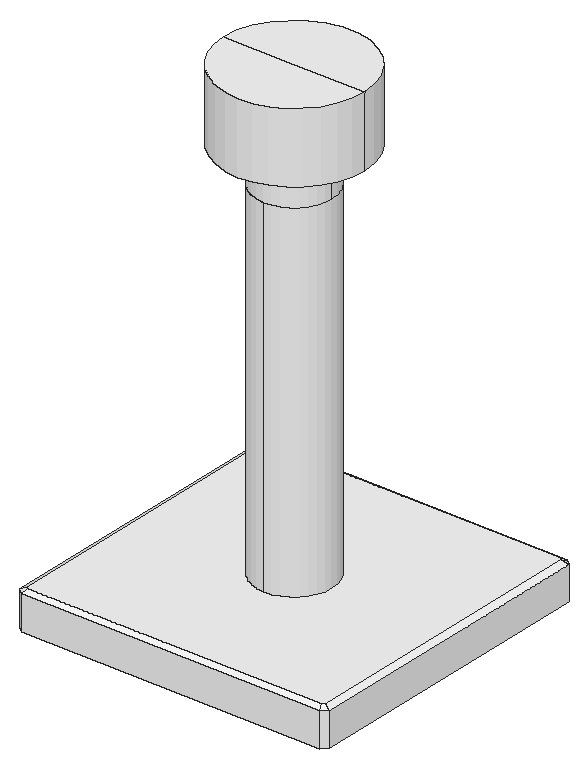
Revit family "Reece_Shower_GROHE_Rainshower_Overhead Shower_SmartActive Ceiling", category Plumbing Fixtures, host Face, Revit 2018
Family settings
  Host = Face
  Round Connector Dimension = Use Diameter
  Part Type = Normal
  Cut with Voids When Loaded = No
  Shared = Yes
  Room Calculation Point = Yes
Parameters (values of type "Chrome")
  WFU = 0  # constant formula
  URL = "https://www.reece.com.au/product/-9508898"
  Type Comments = "Shower"
  Reece_Shower_Inlet = 12 mm  # constant formula
  Reece_Product_Web Page = "https://www.reece.com.au/product/-9508898"
  Reece_Product_Type = "Shower"  # constant formula
  Reece_Product_Sub Brand = "Rainshower"  # constant formula
  Reece_Product_Number = "9508898"
  Reece_Product_Mount = "Ceiling Mounted"
  Reece_Product_Description = "GROHE Rainshower SmartActive Ceiling Shower Square Chrome (3 Star)"
  Reece_Product_Brand = "GROHE"  # constant formula
  Reece_Overall_Width = 310 mm  # constant formula
  Reece_Overall_Height = 222 mm
  Reece_Material_Secondary [instance] = Reece_Plastic_ABS
  Reece_Material_Main [instance] = Reece_Brass_Chrome
  Reece_Detail_Disclaimer = "THIS FILE IS THE PROPERTY OF THE REECE GROUP. IT MAY NOT BE REPRODUCED, REVERSE-ENGINEERED OR MODIFIED. ANY REPUBLICATION, TRANSMISSION OR DISTRIBUTION FOR THE PURPOSE OF COMMERCIALLY EXPLOITING THE FILES IS PROHIBITED."  # constant formula
  Reece_Detail_Additional = "Overhead Shower"  # constant formula
  Model = "Rainshower"
  Manufacturer = "GROHE"
  Keynote = "Product #9508898, Reece_Shower_GROHE_Rainshower_Overhead Shower_SmartActive Ceiling - Chrome"
  HWFU = 0  # constant formula
  Disclaimer = "THIS FILE IS THE PROPERTY OF THE REECE GROUP. IT MAY NOT BE REPRODUCED, REVERSE-ENGINEERED OR MODIFIED. ANY REPUBLICATION, TRANSMISSION OR DISTRIBUTION FOR THE PURPOSE OF COMMERCIALLY EXPLOITING THE FILES IS PROHIBITED."  # constant formula
  Description = "GROHE Rainshower SmartActive Wall Shower Square Chrome (3 Star)"
  Default Elevation = 0 mm
  CWFU = 0  # constant formula
Reference planes
  plane 1 "Center (Front/Back)": y = 0
  plane 2: z = 0
  plane 3 "Center (Left/Right)": x = 0
  plane 4: z = 222
  plane 5: x = 155
  plane 6: x = -155
  plane 7: y = 155
  plane 8: y = -155
  plane 9: z = 175
Forms (mm)
  Revolve 1, solid, material "Reece_Brass_Chrome" <- "Reece_Material_Main"
    sketch origin (0, 0, 0) x (1, 0, 0) y (0, 0, 1)
      loop
        line (0, 175) -> (-25, 175) -> (-25, 150) -> (-15.474, 146.533)
        arc (-15.474, 146.533) -> (-14.043, 145.434) -> (-13.5, 143.714) r 3
        line (-13.5, 143.714) -> (-13.5, 137) -> (0, 137) -> (0, 175)
      axis (0, 137) -> (0, 175)
    angle from 0 to 360
Text (mm)
  text "Reece Copyright © 2018, Reece Ltd." at (-684.407, -223.434, 0), in view "Ref. Level"
  text "Reece ©" at (290.323, 26.521, 334.836), in view "Reece_Preview"
Dimensions and locks
  "Reece_Overall_Height": plane 4 to level
  "Reece_Overall_Width": plane 6 to plane 5
  equal spacing: plane 6, plane 3 "Center (Left/Right)", plane 5
  "Reece_Overall_Width": plane 7 to plane 8
  equal spacing: plane 7, plane 1 "Center (Front/Back)", plane 8
  locked: plane 4 to plane 9 at 47
  aligned and locked: host face to plane 2
  aligned and locked: level to host face
  aligned and locked: plane 3 "Center (Left/Right)" to Revolve 1 sketch curve
  aligned and locked: plane 9 to Revolve 1 sketch curve
Automatic sketch dimensions
  host sketch curve to host sketch curve = 500 mm  (x2)
  Revolve 1 sketch curve to plane 3 "Center (Left/Right)" = 0 mm
  Revolve 1 sketch curve to Revolve 1 sketch curve = 13.5 mm
  Revolve 1 sketch curve to Revolve 1 sketch curve = 3 mm
  Revolve 1 sketch curve to Revolve 1 sketch curve = 8.5 mm
  Revolve 1 sketch curve to plane 9 = 25 mm
  Revolve 1 sketch curve to Revolve 1 sketch curve = 6.286 mm
  Revolve 1 sketch curve to Revolve 1 sketch curve = 6.714 mm
  Revolve 1 sketch curve to Revolve 1 sketch curve = 1.026 mm
  Revolve 1 sketch curve to Revolve 1 sketch curve = 13 mm
  plane 4 to Revolve 1 sketch curve = 23 mm
Nested families
  nested 1: "Reece_Shower_GROHE_Rainshower_Shower Arm_Vertical_Nested" at (0, 0, 0), Reece_Material_Main <- "Reece_Material_Main", Reece_Shower_Reach <- "Reece_Overall_Height", type "Chrome"
    with Reece_Shower_Reach 222 mm, Reece_Material_Main Reece_Brass_Chrome
Connectors
  piping at (0, 0, 0), diameter 12, driven by "Reece_Shower_Inlet"
    settings: on nested 1, index 1, connector inside diameter 609.6 mm, connector length 0 mm, flow factor 0, pipe flow 0.0 L/s, pressure drop 0.0 Pa, fitting loss kfactor 0, connector angle 0.00°, fixture units 0, engagement length 0 mm, angle of deflection 0.00°, flow configuration 0, flow direction 1, fitting loss method 0, system type 29, joint type 0, gender type 0, connector reference index -1, connector utility 0, adjustable connector no, is connector primary yes, connector description ""
Definition of nested family "Reece_Shower_GROHE_Rainshower_Shower Arm_Vertical_Nested"
  Parameters (values of type "Chrome")
    WFU = 0  # constant formula
    Reece_Shower_Reach [instance] = 222 mm
    Reece_Shower_Inlet = 12 mm  # constant formula
    Reece_Overall_Width = 110 mm  # constant formula
    Reece_Material_Main [instance] = none
    HWFU = 0  # constant formula
    Default Elevation = 1000 mm
    CWFU = 0  # constant formula
  Reference planes
    plane 1 "Center (Front/Back)": y = 0
    plane 2: z = 0
    plane 3 "Center (Left/Right)": x = 0
    plane 4: x = 55
    plane 5: x = -55
    plane 6: y = 55
    plane 7: y = -55
    plane 8: z = 222
    plane 9: z = 137
  Forms (mm)
    Extrusion 1, solid
      sketch origin (619.2, -619.2, 0) x (1, 0, 0) y (0, 1, 0)
        loop
          line (-714.004, 715.618) -> (-714.004, 527.891) -> (-529.957, 527.891) -> (-529.957, 715.618) -> (-714.004, 715.618)
      from 0 to -30
    Extrusion 2, solid, material <- "Reece_Material_Main"
      sketch origin (0, 0, 0) x (1, 0, 0) y (0, 1, 0)
        loop
          circle (0, 0) r 13.5
        loop
          line (52.172, -53) -> (53, -52.172) -> (53, 52.172) -> (52.172, 53) -> (-52.172, 53) -> (-53, 52.172) -> (-53, -52.172) -> (-52.172, -53) -> (52.172, -53)
      from 0 to 13
    Sweep 3, solid, material <- "Reece_Material_Main"
      path origin (0, 0, -7.036) x (0, 1, 0) y (0, 0, 1)
        loop
          line (0, 20.036) -> (0, 144.036)
      profile origin (0, 0, 13) x (0, -1, 0) y (1, 0, 0)
        loop
          circle (0, 0) r 13.5
    Sweep 4, solid, material <- "Reece_Material_Main"
      path origin (0, 0, 0) x (1, 0, 0) y (0, 1, 0)
        loop
          line (-55, -53) -> (-53, -55) -> (53, -55) -> (55, -53) -> (55, 53) -> (53, 55) -> (-53, 55) -> (-55, 53) -> (-55, -53)
      profile origin (-55, 0, 0) x (-1, 0, 0) y (0, 0, 1)
        loop
          line (-2, 13) -> (-2, 0) -> (0, 0) -> (0, 11.845) -> (-2, 13)
  Cuts and joins
    joined: Extrusion 2, Sweep 3, Sweep 4
  Text (mm)
    text "Reece Copyright © 2018, Reece Ltd." at (-378.57, -123.478, 0), in view "Ref. Level"
    text "Reece ©" at (452.745, -722.732, 506.729), in view "Reece_Preview"
  Dimensions and locks
    "Reece_Overall_Width": plane 5 to plane 4
    "Reece_Overall_Width": plane 6 to plane 7
    equal spacing: plane 5, plane 3 "Center (Left/Right)", plane 4
    equal spacing: plane 6, plane 1 "Center (Front/Back)", plane 7
    "Reece_Shower_Reach": plane 8 to level
    locked: plane 9 to plane 8 at 85
    aligned and locked: plane 2 to Extrusion 1
    aligned and locked: level to Extrusion 1
    aligned and locked: Extrusion 2 to plane 2
  Automatic sketch dimensions
    Extrusion 1 sketch curve to Extrusion 1 sketch curve = 184.047 mm
    Extrusion 1 sketch curve to Extrusion 1 sketch curve = 187.727 mm
    Sweep 3 sketch curve to plane 3 "Center (Left/Right)" = 0 mm
    Sweep 3 sketch curve to profile plane = 0 mm
    Sweep 4 sketch curve to Sweep 4 sketch curve = 2 mm  (x8)
    Sweep 4 sketch curve to level = 0 mm
    Sweep 4 sketch curve to profile plane = 0 mm
    profile plane to Sweep 4 sketch curve = 2 mm
    level to Sweep 4 sketch curve = 13 mm
    Sweep 4 sketch curve to Sweep 4 sketch curve = 1.155 mm
    plane 1 "Center (Front/Back)" to Extrusion 2 sketch curve = 0 mm
    Extrusion 2 sketch curve to plane 3 "Center (Left/Right)" = 0 mm
    Extrusion 2 sketch curve to Extrusion 2 sketch curve = 0.828 mm  (x8)
    plane 3 "Center (Left/Right)" to Extrusion 2 sketch curve = 52.172 mm
    plane 3 "Center (Left/Right)" to Sweep 4 sketch curve = 53 mm
    Extrusion 2 sketch curve to plane 3 "Center (Left/Right)" = 52.172 mm
    Sweep 4 sketch curve to plane 3 "Center (Left/Right)" = 53 mm
    Extrusion 2 sketch curve to plane 1 "Center (Front/Back)" = 52.172 mm
    Sweep 4 sketch curve to plane 1 "Center (Front/Back)" = 53 mm
    plane 1 "Center (Front/Back)" to Extrusion 2 sketch curve = 52.172 mm
    plane 1 "Center (Front/Back)" to Sweep 4 sketch curve = 53 mm
    Sweep 3 sketch curve to plane 1 "Center (Front/Back)" = 0 mm
    level to Sweep 3 sketch curve = 13 mm
    plane 9 to Sweep 3 sketch curve = 0 mm
    radius of Sweep 3 sketch curve = 13.5 mm
    radius of Extrusion 2 sketch curve = 13.5 mm
